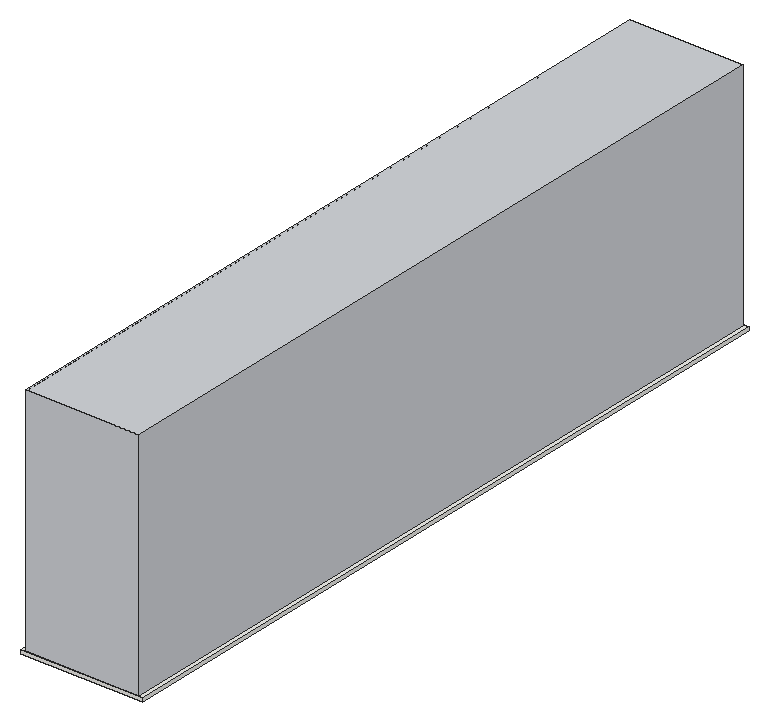
Revit family "MADEL_GRILL_AIR RETURN_FIXED BLADES 45º_DMT+(PLRX - PLRXL) – (3.D1)_0", category Air Terminals, Revit 2015
Parameters (values of type "DMT-AR+PLRX/L 1100x150")
  n_factor [instance] = 32.0898  # constant formula
  m_factor = 1.8995  # constant formula
  c_factor [instance] = -12.9322  # constant formula
  b_factor = -0.12814  # constant formula
  SPM-A [instance] = no
  Revit Version = "Revit 2015 - English"  # constant formula
  Review Date = "11/2016"  # constant formula
  Q_Connector [instance] = Q / 3  # 253.013 m³/h
  Q [instance] = 759.038 m³/h
  Product Type [instance] = Model  # "DMT-AR+PLRX/L 1100x150"
  Product Size = "1100x150"
  Product Reference [instance] = if(Nº Options = 3, if(PLRX, if([(S)], if(SP, "DMT-AR+SP+PLRX (S)", if(MLL, "DMT-AR+MLL+PLRX (S)", if([SPM-A], "DMT-AR+SPM-A+PLRX (S)", if(PFT, "DMT-AR+PFT+PLRX (S)", "Consult Manufacturer")))), if([(O)], if(SP, "DMT-AR+SP+PLRX (O)", if(MLL, "DMT-AR+MLL+PLRX (O)", if([SPM-A], "DMT-AR+SPM-A+PLRX (O)", if(PFT, "DMT-AR+PFT+PLRX (O)", "Consult Manufacturer")))), "Consult Manufacturer")), if([PLRX/L], if([(S)], if(SP, "DMT-AR+SP+PLRX/L (S)", if(MLL, "DMT-AR+MLL+PLRX/L (S)", if([SPM-A], "DMT-AR+SPM-A+PLRX/L (S)", if(PFT, "DMT-AR+PFT+PLRX/L (S)", "Consult Manufacturer")))), if([(O)], if(SP, "DMT-AR+SP+PLRX/L (O)", if(MLL, "DMT-AR+MLL+PLRX/L (O)", if([SPM-A], "DMT-AR+SPM-A+PLRX/L (O)", if(PFT, "DMT-AR+PFT+PLRX/L (O)", "Consult Manufacturer")))), "Consult Manufacturer")), "Consult Manufacturer")), if(Nº Options = 2, if(PLRX, if([(S)], "DMT-AR+PLRX (S)", if([(O)], "DMT-AR+PLRX (O)", "Consult Manufacturer")), if([PLRX/L], if([(S)], "DMT-AR+PLRX/L (S)", if([(O)], "DMT-AR+PLRX/L (O)", "Consult Manufacturer")), "Consult Manufacturer")), "Consult Manufacturer"))  # "DMT-AR+SP+PLRX/L (S)"
  Plenum Connection Type = if(PLRX, "Upper", "Lateral")  # "Lateral"
  PLRX/L = if(PLRX, 1 = 0, 1 = 1)  # yes
  PLRX = no
  PFT [instance] = no
  Nº Plenum Connections = 3  # constant formula
  Nº Options [instance] = if([SPM-A], 1, 0) + if(MLL, 1, 0) + if(PLRX, 1, 0) + if([PLRX/L], 1, 0) + if(PFT, 1, 0) + if(SP, 1, 0) + if([(S)], 1, 0) + if([(O)], 1, 0)  # 3
  Nº Finishes [instance] = if(AA, 1, 0) + if(M9016, 1, 0)  # 1
  Nº  Blades = if(H = 100.0 mm, 3, if(H = 150.0 mm, 5, if(H = 200.0 mm, 7, if(H = 250.0 mm, 9, if(H = 300.0 mm, 11, if(H = 350.0 mm, 13, if(H = 400.0 mm, 15, if(H = 450.0 mm, 17, if(H = 500.0 mm, 19, if(H = 550.0 mm, 21, if(H = 600.0 mm, 23, if(H = 650.0 mm, 25, if(H = 700.0 mm, 27, if(H = 750.0 mm, 29, if(H = 800.0 mm, 31, if(H = 850.0 mm, 33, if(H = 900.0 mm, 35, if(H = 950.0 mm, 37, if(H = 1000.0 mm, 39, 0)))))))))))))))))))  # 5
  N_Graphic lines = (H / 40.0 mm) - (L / 1.0 mm) + (L / 1.0 mm)  # 4
  Vmin = 1.5 m/s  # constant formula
  Vmed = 2.25 m/s  # constant formula
  Vmax = 3.0 m/s  # constant formula
  V[m/s] [instance] = Q / Afree / 1.0 m/s  # 2.25
  URL = "http://www.madel.com/en/producto/dmt-fixed-blades-air-return-grilles/"
  SP [instance] = yes
  RAL [instance] = ""
  Model = "DMT-AR+PLRX/L 1100x150"
  Material and finishes [instance] = if(and(AA, Nº Finishes = 1), "AA", if(and(M9016, Nº Finishes = 1), "M9016", if(Nº Finishes = 0, "Custom RAL", "Consult Manufacturer")))  # "M9016"
  Material Plenum Box = none
  Material Grill = MADEL_M9016
  MLL [instance] = no
  M9016 [instance] = yes
  Lw (dB(A)) [instance] = n_factor * (log([V[m/s]]) / log(2.7183)) + c_factor + Kf  # 13.463
  L3 = L - 15.0 mm  # 1085.0 mm
  H2 = H1 / (N_Graphic lines + 1)  # 27.0 mm
  L1 [instance] = if(SP, 85.0 mm, if(PFT, 43.0 mm, 25.0 mm))  # 85.0 mm
  L = 1100.0 mm
  Kf = 0.37259
  Type Image = <None>
  IfcExportType = "IfcAirTerminalType"  # constant formula
  IfcExportAs = "IfcAirTerminalType"  # constant formula
  H1 = H - 15.0 mm  # 135.0 mm
  H = 150.0 mm
  Min Flow = Vmin * Afree  # 506.026 m³/h
  Max Flow = Vmax * Afree  # 1012.05 m³/h
  Manufacturer = "MADEL"  # constant formula
  Family Version = "1.0"  # constant formula
  E = H + 20.0 mm  # 170.0 mm
  Description = "MADEL_Fixed blades air return grilles"  # constant formula
  D_Connector = 200.0 mm
  DPt [instance] = (10 ^ (log([V[m/s]]) * m_factor + b_factor)) * 1.0 Pa  # 3.47401 Pa
  D1 = D_Connector - 2.0 mm  # 198.0 mm
  Type Comments = "The DMT series grilles are designed to be used in extractors of cold and hot air. They are mounted on walls or in false ceilings."  # constant formula
  Created by = "BIMETRICAL"  # constant formula
  Blade Lenght = L3  # 1085.0 mm
  BIMETRICAL Category = "AirTerminal"  # constant formula
  BIMETRICAL = "http://www.bimetrical.com"  # constant formula
  B = L + 30.0 mm  # 1130.0 mm
  Afree = 0.0937084 m²
  AA [instance] = no
  (S) [instance] = yes
  (O) [instance] = if([(S)], 1 = 0, 1 = 1)  # no
Types (10, lengths in mm): name | Q_Connector | Q | Product Type | Product Size | Product Reference | Plenum Connection Type | PLRX/L | PLRX | Nº  Blades | N_Graphic lines | Model | Lw (dB(A)) | L3 | H2 | L | Kf | H1 | H | Min Flow | Max Flow | E | D_Connector | D1 | Blade Lenght | B | Afree
  DMT-AR+PLRX 1200x150 | 276.278 m³/h | 828.835 m³/h | "DMT-AR+PLRX 1200x150" | "1200x150" | "DMT-AR+SP+PLRX (S)" | "Upper" | no | yes | 5 | 4 | "DMT-AR+PLRX 1200x150" | 13.8433 | 1185.0 | 27.0 | 1200.0 | 0.75293 | 135.0 | 150.0 | 552.557 m³/h | 1105.11 m³/h | 170.0 | 125.0 | 123.0 | 1185.0 | 1230.0 | 0.102325 m²
  DMT-AR+PLRX 1200x100 | 173.862 m³/h | 521.585 m³/h | "DMT-AR+PLRX 1200x100" | "1200x100" | "DMT-AR+SP+PLRX (S)" | "Upper" | no | yes | 3 | 3 | "DMT-AR+PLRX 1200x100" | 11.8408 | 1185.0 | 21.25 | 1200.0 | -1.2495 | 85.0 | 100.0 | 347.723 m³/h | 695.446 m³/h | 120.0 | 100.0 | 98.0 | 1185.0 | 1230.0 | 0.0643932 m²
  DMT-AR+PLRX 1100x150 | 253.013 m³/h | 759.038 m³/h | "DMT-AR+PLRX 1100x150" | "1100x150" | "DMT-AR+SP+PLRX (S)" | "Upper" | no | yes | 5 | 4 | "DMT-AR+PLRX 1100x150" | 13.463 | 1085.0 | 27.0 | 1100.0 | 0.37259 | 135.0 | 150.0 | 506.026 m³/h | 1012.05 m³/h | 170.0 | 125.0 | 123.0 | 1085.0 | 1130.0 | 0.0937084 m²
  DMT-AR+PLRX 1100x100 | 159.246 m³/h | 477.737 m³/h | "DMT-AR+PLRX 1100x100" | "1100x100" | "DMT-AR+SP+PLRX (S)" | "Upper" | no | yes | 3 | 3 | "DMT-AR+PLRX 1100x100" | 11.4612 | 1085.0 | 21.25 | 1100.0 | -1.6292 | 85.0 | 100.0 | 318.491 m³/h | 636.982 m³/h | 120.0 | 100.0 | 98.0 | 1085.0 | 1130.0 | 0.0589798 m²
  DMT-AR+PLRX/L 1200x300 | 583.528 m³/h | 1750.59 m³/h | "DMT-AR+PLRX/L 1200x300" | "1200x300" | "DMT-AR+SP+PLRX/L (S)" | "Lateral" | yes | no | 11 | 8 | "DMT-AR+PLRX/L 1200x300" | 17.076 | 1185.0 | 31.667 | 1200.0 | 3.9856 | 285.0 | 300.0 | 1167.06 m³/h | 2334.11 m³/h | 320.0 | 250.0 | 248.0 | 1185.0 | 1230.0 | 0.216122 m²
  DMT-AR+PLRX/L 1200x250 | 481.112 m³/h | 1443.34 m³/h | "DMT-AR+PLRX/L 1200x250" | "1200x250" | "DMT-AR+SP+PLRX/L (S)" | "Lateral" | yes | no | 9 | 6 | "DMT-AR+PLRX/L 1200x250" | 16.2416 | 1185.0 | 33.571 | 1200.0 | 3.1512 | 235.0 | 250.0 | 962.224 m³/h | 1924.45 m³/h | 270.0 | 250.0 | 248.0 | 1185.0 | 1230.0 | 0.17819 m²
  DMT-AR+PLRX/L 1200x200 | 378.695 m³/h | 1136.09 m³/h | "DMT-AR+PLRX/L 1200x200" | "1200x200" | "DMT-AR+SP+PLRX/L (S)" | "Lateral" | yes | no | 7 | 5 | "DMT-AR+PLRX/L 1200x200" | 15.2066 | 1185.0 | 30.833 | 1200.0 | 2.1163 | 185.0 | 200.0 | 757.39 m³/h | 1514.78 m³/h | 220.0 | 200.0 | 198.0 | 1185.0 | 1230.0 | 0.140257 m²
  DMT-AR+PLRX/L 1200x150 | 276.278 m³/h | 828.835 m³/h | "DMT-AR+PLRX/L 1200x150" | "1200x150" | "DMT-AR+SP+PLRX/L (S)" | "Lateral" | yes | no | 5 | 4 | "DMT-AR+PLRX/L 1200x150" | 13.8433 | 1185.0 | 27.0 | 1200.0 | 0.75293 | 135.0 | 150.0 | 552.557 m³/h | 1105.11 m³/h | 170.0 | 200.0 | 198.0 | 1185.0 | 1230.0 | 0.102325 m²
  DMT-AR+PLRX/L 1200x100 | 173.862 m³/h | 521.585 m³/h | "DMT-AR+PLRX/L 1200x100" | "1200x100" | "DMT-AR+SP+PLRX/L (S)" | "Lateral" | yes | no | 3 | 3 | "DMT-AR+PLRX/L 1200x100" | 11.8408 | 1185.0 | 21.25 | 1200.0 | -1.2495 | 85.0 | 100.0 | 347.723 m³/h | 695.446 m³/h | 120.0 | 200.0 | 198.0 | 1185.0 | 1230.0 | 0.0643932 m²
  DMT-AR+PLRX/L 1100x150 | 253.013 m³/h | 759.038 m³/h | "DMT-AR+PLRX/L 1100x150" | "1100x150" | "DMT-AR+SP+PLRX/L (S)" | "Lateral" | yes | no | 5 | 4 | "DMT-AR+PLRX/L 1100x150" | 13.463 | 1085.0 | 27.0 | 1100.0 | 0.37259 | 135.0 | 150.0 | 506.026 m³/h | 1012.05 m³/h | 170.0 | 200.0 | 198.0 | 1085.0 | 1130.0 | 0.0937084 m²
Reference planes
  plane 1 "Centro (Frontal/Posterior)": z = 0
  plane 2: y = 435
  plane 3 "Centro (Izquierda/Derecha)": x = 0
  plane 4: x = -67.5
  plane 5: x = 67.5
  plane 6: y = -107.5
  plane 7: y = 977.5
  plane 8: z = 85
  plane 9: z = -5
  plane 10: x = -64.5
  plane 11: x = 64.5
Forms (mm)
  Extrusion 1, solid, material "MADEL_M9016" <- "Material Grill", detail levels coarse
    sketch origin (0, 435, 5) x (1, 0, 0) y (0, 0, 1)
      loop
        line (67.5, -10) -> (67.5, 80) -> (-67.5, 80) -> (-67.5, -10) -> (67.5, -10)
    from -542.5 to 542.5
  Extrusion 2, solid, material "MADEL_M9016" <- "Material Grill"
    sketch origin (0, -1220, 0) x (1, 0, 0) y (0, 1, 0)
      loop
        line (-91.5, 1088.5) -> (91.5, 1088.5) -> (91.5, 2221.5) -> (-91.5, 2221.5) -> (-91.5, 1088.5)
      loop
        line (-67.5, 2197.5) -> (-67.5, 1112.5) -> (67.5, 1112.5) -> (67.5, 2197.5) -> (-67.5, 2197.5)
    from -5 to 0
  Extrusion 3, solid, material "MADEL_M9016" <- "Material Grill", detail levels medium+fine
    sketch origin (0, 0, 0) x (1, 0, 0) y (0, 1, 0)
      loop
        line (-67.5, 977.5) -> (-67.5, -107.5) -> (67.5, -107.5) -> (67.5, 977.5) -> (-67.5, 977.5)
      loop
        line (-68.7, 978.7) -> (-68.7, -108.7) -> (68.7, -108.7) -> (68.7, 978.7) -> (-68.7, 978.7)
    from 0 to 85
Dimensions and locks
  equal spacing: plane 5, plane 3 "Centro (Izquierda/Derecha)", plane 4
  "H1": plane 5 to plane 4
  equal spacing: plane 7, plane 2, plane 6
  "L3": plane 7 to plane 6
  "L1": plane 8 to plane 1 "Centro (Frontal/Posterior)"
  locked: plane 1 "Centro (Frontal/Posterior)" to plane 9 at 5
  "H2": plane 4 to nested 2
  equal spacing: group 1, group 3, group 7, group 2  (x3)
  "H2": nested 3 to plane 5
  locked: plane 4 to plane 10 at 3
  locked: plane 11 to plane 5 at 3
  locked: Extrusion 2 to Extrusion 3 sketch curve at 1.2  (x3)
  locked: Extrusion 3 sketch curve to Extrusion 2 at 1.2
  equal spacing: group 4, group 6, group 8, group 9, group 5  (x3)
  aligned and locked: plane 4 to Extrusion 1 sketch curve
  aligned and locked: Extrusion 1 sketch curve to plane 5
  aligned and locked: plane 8 to Extrusion 1
  aligned and locked: Extrusion 2 sketch curve to plane 7
  aligned and locked: Extrusion 2 sketch curve to plane 6
  aligned and locked: Extrusion 2 sketch curve to plane 4
  aligned and locked: plane 5 to Extrusion 2 sketch curve
  aligned and locked: Extrusion 2 to plane 9
  aligned and locked: Extrusion 2 to plane 1 "Centro (Frontal/Posterior)"
  aligned and locked: Extrusion 1 to plane 6
  aligned and locked: plane 7 to Extrusion 1
  aligned and locked: plane 3 "Centro (Izquierda/Derecha)" to nested 1
  aligned and locked: plane 2 to nested 1
  aligned and locked: plane 6 to Extrusion 3 sketch curve
  aligned and locked: Extrusion 3 sketch curve to plane 5
  aligned and locked: plane 4 to Extrusion 3 sketch curve
  aligned and locked: Extrusion 3 sketch curve to plane 7
  aligned and locked: plane 8 to Extrusion 3
  aligned and locked: plane 1 "Centro (Frontal/Posterior)" to Extrusion 3
  aligned and locked: plane 10 to nested 5
  aligned and locked: plane 11 to nested 6
Automatic sketch dimensions
  Extrusion 1 sketch curve to plane 8 = 0.0 mm
  Extrusion 1 sketch curve to level = 5.0 mm
  plane 7 to Extrusion 2 sketch curve = 24.0 mm
  Extrusion 2 sketch curve to plane 4 = 24.0 mm
  plane 5 to Extrusion 2 sketch curve = 24.0 mm
  Extrusion 2 sketch curve to plane 6 = 24.0 mm
Nested families
  nested 1: "Plenum_PLRX-PLRXL (3.D1)" at (0, 435, 0), type "Plenum_PLRX-PLRXL (3.D1)"
    with L1 85.0 mm, BIMETRICAL "http://www.bimetrical.com", PLXR-L yes, PLRX no, H2 110.0 mm, H 350.0 mm, E 170.0 mm, D_Conector 200.0 mm, An 180.00°
  nested 2: "Grafismo Rejilla" at (-40.5, 435, 0) x (0, 1, 0) z (0, 0, 1), LL <- "L3", type "Linea"
    with LL 1085.0 mm
  nested 3: "Grafismo Rejilla" at (40.5, 435, 0) x (0, 1, 0) z (0, 0, 1), LL <- "L3", type "Linea"
    with LL 1085.0 mm
  nested 4: "Grafismo Rejilla" at (-13.5, 435, 0) x (0, 1, 0) z (0, 0, 1), LL <- "L3", type "Linea"
    with LL 1085.0 mm
  nested 5: "MADEL_ALETA FIJA 45º" at (-64.5, 435, -5) x (0, 1, 0) z (0, 0, 1), Material Aletas <- "Material Grill", Longitud Aleta <- "Blade Lenght", type "MADEL_ALETA FIJA 45º", detail levels medium+fine
    with Material Aletas MADEL_M9016, Longitud Aleta 1085.0 mm
  nested 6: "MADEL_ALETA FIJA 45º" at (41.5, 435, -5) x (0, 1, 0) z (0, 0, 1), Material Aletas <- "Material Grill", Longitud Aleta <- "Blade Lenght", type "MADEL_ALETA FIJA 45º", detail levels medium+fine
    with Material Aletas MADEL_M9016, Longitud Aleta 1085.0 mm
  nested 7: "MADEL_ALETA FIJA 45º" at (-38, 435, -5) x (0, 1, 0) z (0, 0, 1), Material Aletas <- "Material Grill", Longitud Aleta <- "Blade Lenght", type "MADEL_ALETA FIJA 45º", detail levels medium+fine
    with Material Aletas MADEL_M9016, Longitud Aleta 1085.0 mm
  nested 8: "Grafismo Rejilla" at (13.5, 435, 0) x (0, 1, 0) z (0, 0, 1), LL <- "L3", type "Linea"
    with LL 1085.0 mm
  nested 9: "MADEL_ALETA FIJA 45º" at (-11.5, 435, -5) x (0, 1, 0) z (0, 0, 1), Material Aletas <- "Material Grill", Longitud Aleta <- "Blade Lenght", type "MADEL_ALETA FIJA 45º", detail levels medium+fine
    with Material Aletas MADEL_M9016, Longitud Aleta 1085.0 mm
  nested 10: "MADEL_ALETA FIJA 45º" at (15, 435, -5) x (0, 1, 0) z (0, 0, 1), Material Aletas <- "Material Grill", Longitud Aleta <- "Blade Lenght", type "MADEL_ALETA FIJA 45º", detail levels medium+fine
    with Material Aletas MADEL_M9016, Longitud Aleta 1085.0 mm
Connectors
  hvac at (-85, 58.333, 240), driven by "DPt", driven by "Q_Connector", driven by "D_Connector"
    settings: on nested 1, index 1, duct flow 253.013 m³/h, flow factor 0, pres drop 3.47401 Pa, loss coef 0, conn angle 0.00°, conn width 304.8 mm, conn height 304.8 mm, conn diameter 200 mm, duct sys type 29, conn prof type 0, flow config 1, flow direction 2, loss method 4, conn ref index -1, conn util no, is conn primary yes, conn desc ""
  hvac at (-85, 435, 240), driven by "DPt", driven by "Q_Connector", driven by "D_Connector"
    settings: on nested 1, index 2, duct flow 253.013 m³/h, flow factor 0, pres drop 3.47401 Pa, loss coef 0, conn angle 0.00°, conn width 304.8 mm, conn height 304.8 mm, conn diameter 200 mm, duct sys type 29, conn prof type 0, flow config 1, flow direction 2, loss method 4, conn ref index -1, conn util no, is conn primary no, conn desc ""
  hvac at (-85, 811.667, 240), driven by "DPt", driven by "Q_Connector", driven by "D_Connector"
    settings: on nested 1, index 3, duct flow 253.013 m³/h, flow factor 0, pres drop 3.47401 Pa, loss coef 0, conn angle 0.00°, conn width 304.8 mm, conn height 304.8 mm, conn diameter 200 mm, duct sys type 29, conn prof type 0, flow config 1, flow direction 2, loss method 4, conn ref index -1, conn util no, is conn primary no, conn desc ""
Definition of nested family "Plenum_PLRX-PLRXL (3.D1)"
  Parameters (values of type "Plenum_PLRX-PLRX_L (3.D1)")
    URL = "http://www.madel.com/producto/plrx-plenum-con-conexion-circular-para-rejillas/"
    PLXR-L = if(PLRX, 1 = 0, 1 = 1)  # no
    PLRX = yes
    Nº Conexiones = 3  # constant formula
    Model = if(PLRX, "PLRX", "PLRX/L")  # "PLRX"
    Material Plenum = none
    L1 [instance] = if(PLRX, H / 2, E / 2)  # 80.0 mm
    IfcExportType = "IfcAirTerminalBoxType"  # constant formula
    IfcExportAs = "IfcAirTerminalBoxType"  # constant formula
    H2 = if(PLRX, H / 2, 10.0 mm + (D_Conector / 2))  # 80.0 mm
    H = if(PLRX, 160.0 mm, 140.0 mm + D_Conector + 10.0 mm)  # 160.0 mm
    Manufacturer = "MADEL"  # constant formula
    E = 120.0 mm
    Description = "Plenum de conexión superior/lateral"  # constant formula
    D_Conector = 100.0 mm
    Type Comments = "Plenums con conexión circular para rejillas de las series AMT, CTM, LMT y multi-toberas KOO, con fijación tipo (S) para montaje a la pared. Construidos en acero galvanizado."  # constant formula
    BIMETRICAL [instance] = "http://www.bimetrical.com"  # constant formula
    B2 = B / (2 * 3)  # 188.333 mm
    B = 1130.0 mm
    An = if(PLRX, 90.00°, 180.00°)  # 90.00°
  Reference planes
    plane 1 "Centro (Frontal/Posterior)": y = 0
    plane 2: z = 0
    plane 3 "Centro (Izquierda/Derecha)": x = 0
    plane 4: z = 160
    plane 5: y = 565
    plane 6: y = -565
    plane 7: x = 60
    plane 8: x = -60
    plane 9: z = 155
    plane 10: z = 80
    plane 11: y = 376.667
    plane 12: y = -376.667
    plane 13: x = -58.8
    plane 14: x = 58.8
    plane 15: y = -563.8
    plane 16: y = 563.8
    plane 17: z = 158.8
  Forms (mm)
    Extrusion 1, solid, material <- "Material Plenum"
      sketch origin (0, 0, 0) x (1, 0, 0) y (0, 1, 0)
        loop
          line (-60, 565) -> (-60, -565) -> (60, -565) -> (60, 565) -> (-60, 565)
      from 0 to 160
    Extrusion 2, solid, material <- "Material Plenum"
      sketch origin (0, -376.667, 160) x (0, 1, 0) y (-1, 0, 0)
        loop
          circle (0, 0) r 50
      from 0 to -1
    Extrusion 3, solid, material <- "Material Plenum"
      sketch origin (0, 376.667, 160) x (0, 1, 0) y (-1, 0, 0)
        loop
          circle (0, 0) r 50
      from 0 to -1
    Extrusion 4, solid, material <- "Material Plenum"
      sketch origin (0, 0, 160) x (0, -1, 0) y (1, 0, 0)
        loop
          circle (0, 0) r 50
      from 0 to -1
    Extrusion 5, void
      sketch origin (0, 0, 0) x (1, 0, 0) y (0, 0, 1)
        loop
          line (-58.8, 158.8) -> (-58.8, 0) -> (58.8, 0) -> (58.8, 158.8) -> (-58.8, 158.8)
      from -563.8 to 563.8
  Cuts and joins
    Extrusion 5 cuts Extrusion 1
  Lines and regions (mm)
    reference lines
      curve 1: line (0, -376.667, 80) -> (0, -376.667, 160)
      curve 2: line (0, 376.667, 80) -> (0, 376.667, 160)
      curve 3: line (0, 0, 80) -> (0, 0, 160)
  Dimensions and locks
    equal spacing: plane 8, plane 3 "Centro (Izquierda/Derecha)", plane 7
    "E": plane 8 to plane 7
    equal spacing: plane 6, plane 1 "Centro (Frontal/Posterior)", plane 5
    "B": plane 6 to plane 5
    "H": plane 4 to plane 2
    plane 4 to plane 9 = 5.0 mm
    "B2": plane 6 to plane 12
    "B2": plane 5 to plane 11
    "L1": curve 1 to curve 1
    "L1": curve 2 to curve 2
    "L1": curve 3 to curve 3
    "H2": plane 4 to plane 10
    locked: plane 5 to plane 16 at 1.2
    locked: plane 6 to plane 15 at 1.2
    locked: plane 14 to plane 7 at 1.2
    locked: plane 8 to plane 13 at 1.2
    locked: plane 4 to plane 17 at 1.2
    "D_Conector": diameter of Extrusion 2 sketch curve
    "D_Conector": diameter of Extrusion 4 sketch curve
    "D_Conector": diameter of Extrusion 3 sketch curve
    "An": angle plane 10 to curve 1
    "An": angle plane 10 to curve 2
    "An": angle plane 10 to curve 3
    aligned and locked: level to plane 2
    aligned and locked: plane 6 to Extrusion 1
    aligned and locked: plane 8 to Extrusion 1
    aligned and locked: plane 5 to Extrusion 1
    aligned and locked: plane 7 to Extrusion 1
    aligned and locked: plane 4 to Extrusion 1
    aligned and locked: Extrusion 1 to plane 2
    aligned and locked: plane 3 "Centro (Izquierda/Derecha)" to curve 1
    aligned and locked: plane 10 to curve 1
    aligned and locked: plane 3 "Centro (Izquierda/Derecha)" to curve 2
    aligned and locked: plane 10 to curve 2
    aligned and locked: plane 3 "Centro (Izquierda/Derecha)" to curve 3
    aligned and locked: plane 10 to curve 3
    aligned and locked: Extrusion 5 sketch curve to plane 17
    aligned and locked: Extrusion 5 sketch curve to plane 13
    aligned and locked: plane 14 to Extrusion 5 sketch curve
    aligned and locked: plane 15 to Extrusion 5
    aligned and locked: Extrusion 5 to plane 16
  Automatic sketch dimensions
    plane 6 to Extrusion 1 sketch curve = 0.0 mm
    Extrusion 1 sketch curve to plane 8 = 0.0 mm
    Extrusion 1 sketch curve to plane 7 = 0.0 mm
    Extrusion 1 sketch curve to plane 5 = 0.0 mm
    Extrusion 5 sketch curve to level = 0.0 mm
    Extrusion 2 sketch curve to plane 3 "Centro (Izquierda/Derecha)" = 0.0 mm
    Extrusion 2 sketch curve to plane 12 = 0.0 mm
    Extrusion 3 sketch curve to plane 3 "Centro (Izquierda/Derecha)" = 0.0 mm
    Extrusion 3 sketch curve to plane 11 = 0.0 mm
    plane 1 "Centro (Frontal/Posterior)" to Extrusion 4 sketch curve = 0.0 mm
    Extrusion 4 sketch curve to plane 3 "Centro (Izquierda/Derecha)" = 0.0 mm
Definition of nested family "MADEL_ALETA FIJA 45º"
  Parameters (values of type "MADEL_ALETA FIJA 45º")
    Material Aletas [instance] = none
    Longitud Aleta [instance] = 1000.0 mm
  Reference planes
    plane 1 "Centro (Frontal/Posterior)": y = 0
    plane 2: z = 0
    plane 3 "Centro (Izquierda/Derecha)": x = 0
    plane 4: x = -500
    plane 5: x = 500
  Forms (mm)
    Extrusion 1, solid, material <- "Material Aletas"
      sketch origin (0, 6.801, -8.972) x (0, 1, 0) y (0, 0, 1)
        loop
          line (-6.801, 8.972) -> (-6.801, 10.172) -> (-8.813, 10.172) -> (-13.27, 14.52)
          arc (-13.27, 14.52) -> (-13.288, 15.935) -> (-14.702, 15.917) r 1
          line (-14.702, 15.917) -> (-27.534, 28.436)
          arc (-27.534, 28.436) -> (-27.412, 29.681) -> (-28.601, 30.071) r 1
          line (-28.601, 30.071) -> (-28.601, 31.972) -> (-28.97, 34.972) -> (-29.801, 34.972) -> (-29.801, 28.972) -> (-9.301, 8.972) -> (-6.801, 8.972)
      from -500 to 500
  Dimensions and locks
    equal spacing: plane 4, plane 3 "Centro (Izquierda/Derecha)", plane 5
    "Longitud Aleta": plane 4 to plane 5
    aligned and locked: level to plane 2
    aligned and locked: Extrusion 1 to plane 4
    aligned and locked: plane 5 to Extrusion 1
  Automatic sketch dimensions
    plane 1 "Centro (Frontal/Posterior)" to Extrusion 1 sketch curve = 23.0 mm
    Extrusion 1 sketch curve to Extrusion 1 sketch curve = 1.2 mm  (x2)
    Extrusion 1 sketch curve to Extrusion 1 sketch curve = 0.352 mm
    Extrusion 1 sketch curve to Extrusion 1 sketch curve = 0.716 mm  (x3)
    plane 1 "Centro (Frontal/Posterior)" to Extrusion 1 sketch curve = 7.9 mm
    Extrusion 1 sketch curve to Extrusion 1 sketch curve = 3.969 mm
    Extrusion 1 sketch curve to Extrusion 1 sketch curve = 0.488 mm
    Extrusion 1 sketch curve to Extrusion 1 sketch curve = 2.012 mm
    level to Extrusion 1 sketch curve = 0.0 mm
    Extrusion 1 sketch curve to Extrusion 1 sketch curve = 4.348 mm
    Extrusion 1 sketch curve to Extrusion 1 sketch curve = 0.698 mm  (x2)
    Extrusion 1 sketch curve to Extrusion 1 sketch curve = 12.519 mm
    Extrusion 1 sketch curve to Extrusion 1 sketch curve = 0.536 mm
    Extrusion 1 sketch curve to Extrusion 1 sketch curve = 1.901 mm
    Extrusion 1 sketch curve to Extrusion 1 sketch curve = 0.832 mm
    Extrusion 1 sketch curve to Extrusion 1 sketch curve = 3.0 mm
Definition of nested family "Grafismo Rejilla"
  Parameters (values of type "Linea")
    LL [instance] = 1500.0 mm
  Reference planes
    plane 1 "Centro (Frontal/Posterior)": y = 0
    plane 2: z = 0
    plane 3 "Centro (Izquierda/Derecha)": x = 0
  Lines and regions (mm)
    symbolic lines
      curve 1: line (-750, 0, 0) -> (750, 0, 0)
  Dimensions and locks
    "LL": curve 1 to curve 1
    equal spacing: curve 1, plane 3 "Centro (Izquierda/Derecha)", curve 1
    aligned and locked: level to plane 2
  Automatic sketch dimensions
    plane 1 "Centro (Frontal/Posterior)" to curve 1 = 0.0 mm
